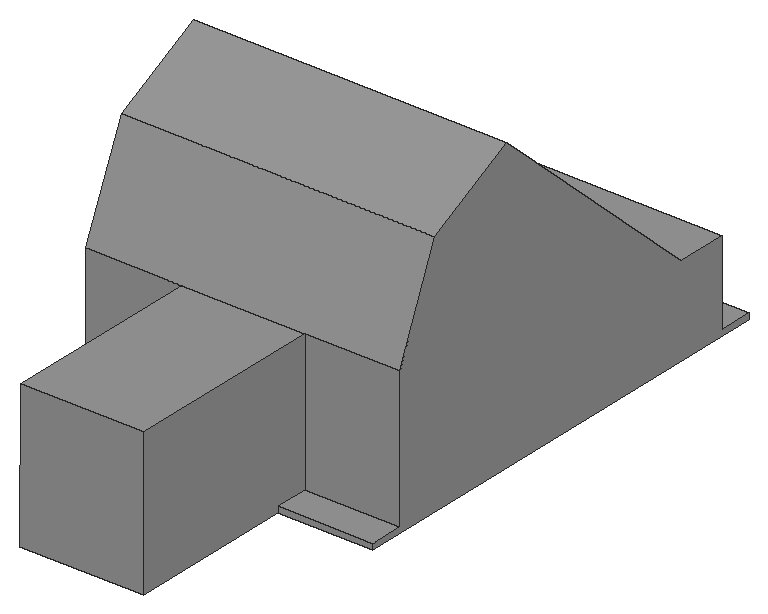
Revit family "Urinal-Willoughby-1814-UW-WO-FA-TS", category Plumbing Fixtures, Revit 2015
Parameters (values of type "Standard")
  Waste DIA = 1 1/2"
  Waste Connection = yes
  Vent Connection = no
  URL = "https://www.willoughby-ind.com/wp-content/uploads/2018/01/UW-1814-WO-FA.pdf"
  Type Comments = ""
  Revision = "A"
  Model = "UW-1814-WO-FA-TS"
  Manufacturer = "Willoughby Industries"
  HW Connection = no
  Flush Inlet DIA = 3/4"
  Flush Inlet Connection = yes
  Fixture Body = Stainless Steel AISI 304-Willoughby
  Description = "Washout Trough Urinal, Front Access, Top Spud"
  Default Elevation = 1' - 2"
  Contact Info. = "(800) 428-4065"
  CW Connection = no
Reference planes (in)
  plane 1 "Center (Front/Back)": y = 0
  plane 2: z = 0
  plane 3 "Center (Left/Right)": x = 0
Forms (in)
  Extrusion 1, solid, material "Stainless Steel AISI 304-Willoughby" <- "Fixture Body"
    sketch origin (0, 0, 0) x (1, 0, 0) y (0, 0, 1)
      loop
        line (-7, 4) -> (-7, 0) -> (7, 0) -> (7, 4) -> (-7, 4)
    from -18 to 0
  Extrusion 2, solid, material "Stainless Steel AISI 304-Willoughby" <- "Fixture Body"
    sketch origin (0, 0, -0.06446) x (0, 1, 0) y (0, 0, 1)
      loop
        line (0, 4.06446) -> (15.75, 4.06446) -> (6, 13.06446) -> (2, 11.06446) -> (0, 6.56446) -> (0, 4.06446)
    from -7 to 7
  Extrusion 3, void, detail levels fine
    sketch origin (0, 0, 0) x (1, 0, 0) y (0, 0, 1)
      loop
        line (6.375, 12.375) -> (-6.375, 12.375) -> (-6.375, 2) -> (6.375, 2) -> (6.375, 12.375)
    from -5.08704 to -15.71619
  Extrusion 4, solid, material "Stainless Steel AISI 304-Willoughby" <- "Fixture Body"
    sketch origin (0, 0, 0) x (0, 1, 0) y (0, 0, 1)
      loop
        line (0, 6.5) -> (-9, 6.5) -> (-9, 0) -> (0, 0) -> (0, 6.5)
    from -2.75 to 2.75
  Extrusion 5, solid, material "Stainless Steel AISI 304-Willoughby" <- "Fixture Body"
    sketch origin (0, 18.44537, -10.625) x (1, 0, 0) y (0, 0, 1)
      loop
        circle (0, 12.75) r 0.375
    from -0.25 to 0.44537
  Extrusion 6, solid, material "Stainless Steel AISI 304-Willoughby" <- "Fixture Body"
    sketch origin (0, 0, 0) x (0, 1, 0) y (0, 0, 1)
      loop
        line (18, 0) -> (19.5, 0) -> (19.5, 0.25) -> (18, 0.25) -> (18, 0)
    from -7 to 7
  Extrusion 7, solid, material "Stainless Steel AISI 304-Willoughby" <- "Fixture Body"
    sketch origin (0, -19.5, 0) x (0, 1, 0) y (0, 0, 1)
      loop
        line (18, 0) -> (19.5, 0) -> (19.5, 0.25) -> (18, 0.25) -> (18, 0)
    from -7 to 7
  Extrusion 8, solid, material "Stainless Steel AISI 304-Willoughby" <- "Fixture Body"
    sketch origin (0, 0, 0) x (1, 0, 0) y (0, 1, 0)
      loop
        circle (0, -3.75) r 0.75
    from 0 to 1.04007
Cuts and joins
  Extrusion 3 cuts Extrusion 1
  Extrusion 3 cuts Extrusion 2
  joined: Extrusion 1, Extrusion 2, Extrusion 4, Extrusion 6, Extrusion 7
Lines and regions (in)
  symbolic lines
    curve 1: line (7, 0, 0) -> (-7, 0, 0)
    curve 2: line (-7, 0, 0) -> (-7, 19.5, 0)
    curve 3: line (-7, 19.5, 0) -> (7, 19.5, 0)
    curve 4: line (7, 19.5, 0) -> (7, 0, 0)
    curve 5: line (2.75, 0, 0) -> (2.75, -9, 0)
    curve 6: line (2.75, -9, 0) -> (-2.75, -9, 0)
    curve 7: line (-2.75, -9, 0) -> (-2.75, 0, 0)
    curve 8: line (-2.75, -1.5, 0) -> (-7, -1.5, 0)
    curve 9: line (-7, -1.5, 0) -> (-7, 0, 0)
    curve 10: line (2.75, -1.5, 0) -> (7, -1.5, 0)
    curve 11: line (7, -1.5, 0) -> (7, 0, 0)
    curve 14: line (7, 15.75, 0) -> (-7, 15.75, 0)
    curve 15: line (7, 18, 0) -> (-7, 18, 0)
    curve 19: line (-7, 0, 0) -> (7, 0, 0)
    curve 20: line (7, 0, 0) -> (7, 0, 13)
    curve 21: line (7, 0, 13) -> (-7, 0, 13)
    curve 22: line (-7, 0, 13) -> (-7, 0, 0)
    curve 24: line (-7, 0, 4) -> (7, 0, 4)
    curve 28: line (0, -9, 0) -> (0, 19.5, 0)
    curve 29: line (0, 19.5, 0) -> (0, 19.5, 0.25)
    curve 30: line (0, 19.5, 0.25) -> (0, 18, 0.25)
    curve 31: line (0, 18, 0.25) -> (0, 18, 4)
    curve 32: line (0, 18, 4) -> (0, 15.75, 4)
    curve 33: line (0, 15.75, 4) -> (0, 6, 13)
    curve 34: line (0, 6, 13) -> (0, 2, 11)
    curve 35: line (0, 2, 11) -> (0, 0, 6.5)
    curve 36: line (0, 0, 6.5) -> (0, 0, 0.25)
    curve 37: line (0, 0, 0.25) -> (0, -1.5, 0.25)
    curve 38: line (0, -1.5, 0.25) -> (0, -1.5, 0)
    curve 39: line (0, 0, 6.5) -> (0, -9, 6.5)
    curve 40: line (0, -9, 6.5) -> (0, -9, 0)
  symbolic lines, detail levels medium+fine
    curve 12: line (7, 2, 0) -> (-7, 2, 0)
    curve 13: line (7, 6, 0) -> (-7, 6, 0)
    curve 23: line (-7, 0, 0.25) -> (7, 0, 0.25)
  symbolic lines, detail levels fine
    curve 16: line (6.375, 15.75, 0) -> (6.375, 6.67708, 0)
    curve 17: line (6.375, 6.67708, 0) -> (-6.375, 6.67708, 0)
    curve 18: line (-6.375, 6.67708, 0) -> (-6.375, 15.75, 0)
    curve 25: line (6.375, 0, 4) -> (6.375, 0, 12.375)
    curve 26: line (6.375, 0, 12.375) -> (-6.375, 0, 12.375)
    curve 27: line (-6.375, 0, 12.375) -> (-6.375, 0, 4)
Dimensions and locks (in)
  aligned and locked: cut or joined group of Extrusion 1, Extrusion 2, Extrusion 3, Extrusion 4, Extrusion 6, Extrusion 7 to cut or joined group of Extrusion 1, Extrusion 2, Extrusion 3, Extrusion 4, Extrusion 6, Extrusion 7  (x5)
  aligned and locked: level to cut or joined group of Extrusion 1, Extrusion 2, Extrusion 3, Extrusion 4, Extrusion 6, Extrusion 7
Connectors (in)
  piping at (0, 18.69537, 2.125), diameter 0.75, driven by "Flush Inlet Connection", driven by "Flush Inlet DIA"
    settings: on Extrusion 5, index 2, connector inside diameter 3/4", connector length 0' - 0", flow factor 0, pipe flow 0 GPM, pressure drop 0.00 psi, fitting loss kfactor 0, connector angle 0.00°, fixture units 0, engagement length 0' - 0", angle of deflection 0.00°, flow configuration 0, flow direction 1, fitting loss method 0, system type 20, joint type 0, gender type 0, connector reference index -1, connector utility 1, adjustable connector no, is connector primary yes, connector description "Flush Inlet"
  piping at (0, -3.75, 0), diameter 1.5, driven by "Waste Connection", driven by "Waste DIA"
    settings: on Extrusion 8, index 3, connector inside diameter 1 1/2", connector length 0' - 0", flow factor 0, pipe flow 0 GPM, pressure drop 0.00 psi, fitting loss kfactor 0, connector angle 0.00°, fixture units 0, engagement length 0' - 0", angle of deflection 0.00°, flow configuration 0, flow direction 2, fitting loss method 0, system type 16, joint type 0, gender type 0, connector reference index -1, connector utility 1, adjustable connector yes, is connector primary no, connector description "Urinal Waste"
